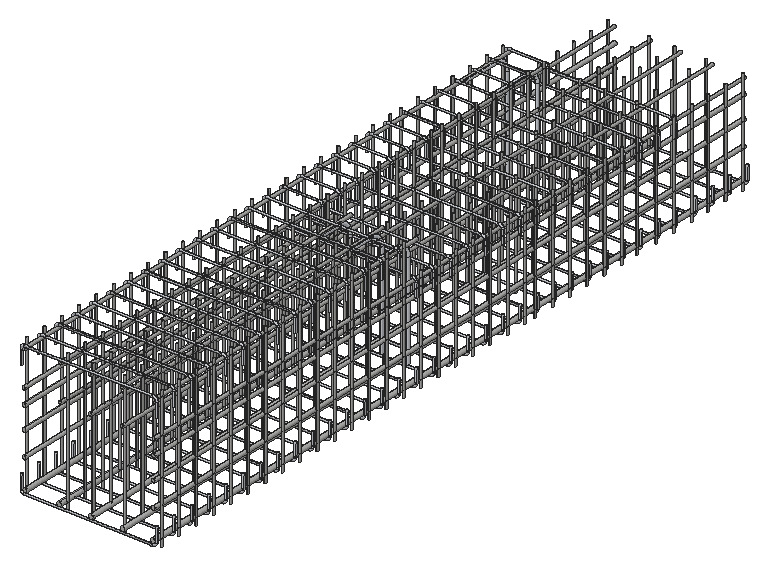
Revit family "261_Каркас пространственный КП4", category Обобщенные модели, Revit 2016 (continued)
Definition of nested family "261_Каркас плоский КР 31"
  Definition of nested family "361_Арматурная форма 2"
    Parameters (values of type "Параметрический")
      Мрк.Наименование [instance] = if(and(Арм.Класс = 1240, Рзм.Диаметр = 6 mm), "Ø6 А240 ГОСТ 5781-82", if(and(Арм.Класс = 1240, Рзм.Диаметр = 8 mm), "Ø8 А240 ГОСТ 5781-82", if(and(Арм.Класс = 1240, Рзм.Диаметр = 10 mm), "Ø10 А240 ГОСТ 5781-82", if(and(Арм.Класс = 1240, Рзм.Диаметр = 12 mm), "Ø12 А240 ГОСТ 5781-82", if(and(Арм.Класс = 1240, Рзм.Диаметр = 14 mm), "Ø14 А240 ГОСТ 5781-82", if(and(Арм.Класс = 1240, Рзм.Диаметр = 16 mm), "Ø16 А240 ГОСТ 5781-82", if(and(Арм.Класс = 1240, Рзм.Диаметр = 18 mm), "Ø18 А240 ГОСТ 5781-82", if(and(Арм.Класс = 1240, Рзм.Диаметр = 20 mm), "Ø20 А240 ГОСТ 5781-82", if(and(Арм.Класс = 1400, Рзм.Диаметр = 6 mm), "Ø6 А400 ГОСТ 5781-82", if(and(Арм.Класс = 1400, Рзм.Диаметр = 8 mm), "Ø8 А400 ГОСТ 5781-82", if(and(Арм.Класс = 1400, Рзм.Диаметр = 10 mm), "Ø10 А400 ГОСТ 5781-82", if(and(Арм.Класс = 1400, Рзм.Диаметр = 12 mm), "Ø12 А400 ГОСТ 5781-82", if(and(Арм.Класс = 1400, Рзм.Диаметр = 14 mm), "Ø14 А400 ГОСТ 5781-82", if(and(Арм.Класс = 1400, Рзм.Диаметр = 16 mm), "Ø16 А400 ГОСТ 5781-82", if(and(Арм.Класс = 1400, Рзм.Диаметр = 18 mm), "Ø18 А400 ГОСТ 5781-82", if(and(Арм.Класс = 1400, Рзм.Диаметр = 20 mm), "Ø20 А400 ГОСТ 5781-82", if(and(Арм.Класс = 1400, Рзм.Диаметр = 22 mm), "Ø22 А400 ГОСТ 5781-82", if(and(Арм.Класс = 1400, Рзм.Диаметр = 25 mm), "Ø25 А400 ГОСТ 5781-82", if(and(Арм.Класс = 1400, Рзм.Диаметр = 28 mm), "Ø28 А400 ГОСТ 5781-82", if(and(Арм.Класс = 1400, Рзм.Диаметр = 32 mm), "Ø32 А400 ГОСТ 5781-82", if(and(Арм.Класс = 1400, Рзм.Диаметр = 36 mm), "Ø36 А400 ГОСТ 5781-82", if(and(Арм.Класс = 1400, Рзм.Диаметр = 40 mm), "Ø40 А400 ГОСТ 5781-82", if(and(Арм.Класс = 150019, Рзм.Диаметр = 10 mm), "Ø10 А500С ГОСТ Р 52544-2006", if(and(Арм.Класс = 150019, Рзм.Диаметр = 12 mm), "Ø12 А500С ГОСТ Р 52544-2006", if(and(Арм.Класс = 150019, Рзм.Диаметр = 14 mm), "Ø14 А500С ГОСТ Р 52544-2006", if(and(Арм.Класс = 150019, Рзм.Диаметр = 16 mm), "Ø16 А500С ГОСТ Р 52544-2006", if(and(Арм.Класс = 150019, Рзм.Диаметр = 18 mm), "Ø18 А500С ГОСТ Р 52544-2006", if(and(Арм.Класс = 150019, Рзм.Диаметр = 20 mm), "Ø20 А500С ГОСТ Р 52544-2006", if(and(Арм.Класс = 150019, Рзм.Диаметр = 22 mm), "Ø22 А500С ГОСТ Р 52544-2006", if(and(Арм.Класс = 150019, Рзм.Диаметр = 25 mm), "Ø25 А500С ГОСТ Р 52544-2006", if(and(Арм.Класс = 150019, Рзм.Диаметр = 28 mm), "Ø28 А500С ГОСТ Р 52544-2006", if(and(Арм.Класс = 150019, Рзм.Диаметр = 32 mm), "Ø32 А500С ГОСТ Р 52544-2006", if(and(Арм.Класс = 150019, Рзм.Диаметр = 36 mm), "Ø36 А500С ГОСТ Р 52544-2006", if(and(Арм.Класс = 150019, Рзм.Диаметр = 40 mm), "Ø40 А500С ГОСТ Р 52544-2006", if(and(Арм.Класс = 160019, Рзм.Диаметр = 10 mm), "Ø10 А600С СТО АСЧМ 7-93", if(and(Арм.Класс = 160019, Рзм.Диаметр = 12 mm), "Ø12 А600С СТО АСЧМ 7-93", if(and(Арм.Класс = 160019, Рзм.Диаметр = 14 mm), "Ø14 А600С СТО АСЧМ 7-93", if(and(Арм.Класс = 160019, Рзм.Диаметр = 16 mm), "Ø16 А600С СТО АСЧМ 7-93", if(and(Арм.Класс = 160019, Рзм.Диаметр = 18 mm), "Ø18 А600С СТО АСЧМ 7-93", if(and(Арм.Класс = 160019, Рзм.Диаметр = 20 mm), "Ø20 А600С СТО АСЧМ 7-93", if(and(Арм.Класс = 160019, Рзм.Диаметр = 22 mm), "Ø22 А600С СТО АСЧМ 7-93", if(and(Арм.Класс = 160019, Рзм.Диаметр = 25 mm), "Ø25 А600С СТО АСЧМ 7-93", if(and(Арм.Класс = 160019, Рзм.Диаметр = 28 mm), "Ø28 А600С СТО АСЧМ 7-93", if(and(Арм.Класс = 160019, Рзм.Диаметр = 32 mm), "Ø32 А600С СТО АСЧМ 7-93", if(and(Арм.Класс = 160019, Рзм.Диаметр = 36 mm), "Ø36 А600С СТО АСЧМ 7-93", if(and(Арм.Класс = 160019, Рзм.Диаметр = 40 mm), "Ø40 А600С СТО АСЧМ 7-93", "Арматура не специфицирована"))))))))))))))))))))))))))))))))))))))))))))))  # "Ø10 А240 ГОСТ 5781-82"
      Мрк.МаркаКонструкции [instance] = ""
      Мрк.МаркаИзделия3 [instance] = ""
      Мрк.МаркаИзделия2 [instance] = ""
      Мрк.МаркаИзделия1 [instance] = ""
      Мрк.МаркаИзделия [instance] = ""
      Мрк.Марка [instance] = ""
      Type Comments = ""
      Арм.ЭскизФормы = 0
      Арм.РазмерR [instance] = 100 mm
      Арм.РазмерJ [instance] = 0 mm
      Арм.РазмерG [instance] = 0 mm
      Арм.РазмерF [instance] = 0 mm
      Арм.РазмерE [instance] = 0 mm
      Арм.РазмерD [instance] = 0 mm
      Арм.РазмерC [instance] = 0 mm
      Арм.РазмерB [instance] = 520 mm
      Арм.РазмерA [instance] = 495 mm
      Арм.ПогМетрыВкл [instance] = no
      Арм.КоэфНахлеста [instance] = 1
      Арм.Класс [instance] = 1240
      Арм.ВыполненаСемейством = 1 = 1  # yes
    Reference planes
      plane 1 "Спереди": y = 0
      plane 2: z = 0
      plane 3 "Лево/Право": x = 0
      plane 4: x = 260
      plane 5: x = -260
      plane 6: y = -495
      plane 7: z = -5
      plane 8: z = 5
      plane 9: x = -265
      plane 10: x = -255
      plane 11: y = -5
      plane 12: y = 5
    Forms (mm)
      Sweep 1, solid, detail levels medium+fine
        path origin (0, 0, 0) x (1, 0, 0) y (0, 1, 0)
          loop
            line (-260, -495) -> (-260, -105)
            arc (-260, -105) -> (-229.246, -30.754) -> (-155, 0) r 105
            line (-155, 0) -> (260, 0)
        profile origin (-260, -300, 0) x (-1, 0, 0) y (0, 0, 1)
          loop
            circle (0, 0) r 5
    Dimensions and locks
      equal spacing: plane 5, plane 3 "Лево/Право", plane 4
      "Арм.РазмерA": plane 6 to plane 1 "Спереди"
      "Арм.РазмерB": plane 5 to plane 4
      equal spacing: plane 8, plane 2, plane 7
      "Рзм.Диаметр": plane 8 to plane 7
      equal spacing: plane 9, plane 5, plane 10
      "Рзм.Диаметр": plane 9 to plane 10
      equal spacing: plane 11, plane 1 "Спереди", plane 12
      "Рзм.Диаметр": plane 12 to plane 11
      "Рзм.Диаметр": diameter of Sweep 1 sketch curve
      "Рзм.РасчетныйРадиус": radius of Sweep 1 sketch curve
      aligned and locked: plane 6 to Sweep 1 sketch curve
      aligned and locked: plane 5 to nested 1
      aligned and locked: nested 1 to plane 2
      aligned and locked: plane 1 "Спереди" to nested 2
      aligned and locked: plane 2 to nested 2
      aligned and locked: plane 4 to Sweep 1 sketch curve
      aligned and locked: Sweep 1 sketch curve to plane 5
      aligned and locked: plane 1 "Спереди" to Sweep 1 sketch curve
    Automatic sketch dimensions
      Sweep 1 sketch curve to level = 0 mm
      Sweep 1 sketch curve to profile plane = 0 mm
    Nested families
      nested 1: "Разрез сетржня" at (-260, 0, 0) x (1, 0, 0) z (0, -1, 0), type "Разрез сетржня", detail levels medium+fine
        with Диаметр 10 mm
      nested 2: "Разрез сетржня" at (0, 0, 0) x (0, -1, 0) z (1, 0, 0), type "Разрез сетржня", detail levels medium+fine
        with Диаметр 10 mm
    Definition of nested family "Разрез сетржня"
      Parameters (values of type "Разрез сетржня")
        Диаметр = 600 mm
      Reference planes
        plane 1 "По центру (Вперед/Назад)": y = 0
        plane 2: z = 0
        plane 3 "По центру (Влево/Вправо)": x = 0
      Lines and regions (mm)
        Filled region 1, type "Сплошная заливка - Черный", in view "Опорный уровень"
          outline origin (0, 0, 0) x (1, 0, 0) y (0, 1, 0)
            loop
              circle (0, 0) r 300
        detail lines, in view "Опорный уровень"
          curve 1: circle (0, 0, 0) r 300 normal (0, 0, 1)
      Dimensions and locks
        "Диаметр": diameter of curve 1
        aligned and locked: Filled region 1 sketch curve to curve 1
      Automatic sketch dimensions
        plane 1 "По центру (Вперед/Назад)" to curve 1 = 0 mm
        curve 1 to plane 3 "По центру (Влево/Вправо)" = 0 mm
Definition of nested family "261_Каркас плоский КР 32"
  Parameters (values of type "261_Каркас плоский КР 32")
    Default Elevation = 1219.2 mm
    Орг.УровеньТекстовый [instance] = ""
    Орг.ОбознчТома(Комплекта) [instance] = ""
    Орг.НомерЛистаЭлемента [instance] = ""
    Орг.МассаИзделия = 0
    Орг.ИзделиеТипПодсчета [instance] = 0
    Орг.ИдентификацияЭлемента2 [instance] = ""
    Орг.ИдентификацияЭлемента1 [instance] = ""
    Орг.ИдентификацияЭлемента [instance] = ""
    Мрк.Обозначение [instance] = ""
    Мрк.Наименование [instance] = "Каркас плоский КР 31"
    Мрк.МаркаКонструкции [instance] = ""
    Мрк.МаркаИзделия3 [instance] = ""
    Мрк.МаркаИзделия2 [instance] = ""
    Мрк.МаркаИзделия1 [instance] = ""
    Мрк.МаркаИзделия [instance] = ""
    Мрк.Марка [instance] = "КР 31"
  Reference planes
    plane 1 "По центру (Вперед/Назад)": y = 0
    plane 2: z = 0
    plane 3 "По центру (Влево/Вправо)": x = 0
    plane 4: y = 1000
    plane 5: x = 5120
  Dimensions and locks
    plane 3 "По центру (Влево/Вправо)" to plane 5 = 5120 mm
    plane 4 to plane 1 "По центру (Вперед/Назад)" = 1000 mm
    aligned and locked: level to plane 2
  Nested families
    nested 1: "361_Арматурная форма 1" at (45, 500, 0) x (0, 1, 0) z (0, 0, 1), Орг.ИдентификацияЭлемента1 <- "Орг.ИдентификацияЭлемента1", Орг.ИдентификацияЭлемента <- "Орг.ИдентификацияЭлемента", Мрк.МаркаКонструкции <- "Мрк.МаркаКонструкции", Мрк.МаркаИзделия3 <- "Мрк.МаркаИзделия3", Мрк.МаркаИзделия2 <- "Мрк.МаркаИзделия2", Мрк.МаркаИзделия1 <- "Мрк.МаркаИзделия1", Мрк.МаркаИзделия <- "Мрк.МаркаИзделия", Орг.УровеньТекстовый <- "Орг.УровеньТекстовый", Орг.ОбознчТома(Комплекта) <- "Орг.ОбознчТома(Комплекта)", Орг.НомерЛистаЭлемента <- "Орг.НомерЛистаЭлемента", type "Параметрический"
      with Рзм.Длина 970 mm, Рзм.Диаметр 12 mm, Орг.УровеньТекстовый "", Орг.ОбознчТома(Комплекта) "", Орг.НомерЛистаЭлемента "", Орг.ИзделиеТипПодсчета 2, Орг.ИдентификацияЭлемента1 "", Орг.ИдентификацияЭлемента "", Мрк.Обозначение "ГОСТ 5781-82", Мрк.Наименование "Ø12 А240 ГОСТ 5781-82", Мрк.МаркаКонструкции "", Мрк.МаркаИзделия3 "", Мрк.МаркаИзделия2 "", Мрк.МаркаИзделия1 "", Мрк.МаркаИзделия "", Мрк.Марка "5", Арм.РазмерR 0 mm, Арм.РазмерJ 0 mm, Арм.РазмерG 0 mm, Арм.РазмерF 0 mm, Арм.РазмерE 0 mm, Арм.РазмерD 0 mm, Арм.РазмерC 0 mm, Арм.РазмерB 0 mm, Арм.РазмерA 970 mm, Арм.ПогМетрыВкл no, Арм.КоэфНахлеста 1, Арм.Класс 1240
    nested 2: "361_Арматурная форма 2" at (2225, 559.782, -36) x (0, -1, 0) z (0, 0, 1), Орг.ИдентификацияЭлемента1 <- "Орг.ИдентификацияЭлемента1", Орг.ИдентификацияЭлемента <- "Орг.ИдентификацияЭлемента", Мрк.МаркаКонструкции <- "Мрк.МаркаКонструкции", Мрк.МаркаИзделия3 <- "Мрк.МаркаИзделия3", Мрк.МаркаИзделия2 <- "Мрк.МаркаИзделия2", Мрк.МаркаИзделия1 <- "Мрк.МаркаИзделия1", Мрк.МаркаИзделия <- "Мрк.МаркаИзделия", Орг.УровеньТекстовый <- "Орг.УровеньТекстовый", Орг.ОбознчТома(Комплекта) <- "Орг.ОбознчТома(Комплекта)", Орг.НомерЛистаЭлемента <- "Орг.НомерЛистаЭлемента", type "Параметрический"
      with Рзм.РасчетныйРадиус 90 mm, Рзм.Длина 985.664 mm, Рзм.Диаметр 20 mm, Орг.УровеньТекстовый "", Орг.ОбознчТома(Комплекта) "", Орг.НомерЛистаЭлемента "", Орг.ИзделиеТипПодсчета 2, Орг.ИдентификацияЭлемента2 "", Орг.ИдентификацияЭлемента1 "", Орг.ИдентификацияЭлемента "", Мсв.Количество 1, Мрк.Обозначение "ГОСТ 5781-82", Мрк.Наименование "Ø20 А240 ГОСТ 5781-82", Мрк.МаркаКонструкции "", Мрк.МаркаИзделия3 "", Мрк.МаркаИзделия2 "", Мрк.МаркаИзделия1 "", Мрк.МаркаИзделия "", Мрк.Марка "8", Арм.РазмерR 80 mm, Арм.РазмерJ 0 mm, Арм.РазмерG 0 mm, Арм.РазмерF 0 mm, Арм.РазмерE 0 mm, Арм.РазмерD 0 mm, Арм.РазмерC 0 mm, Арм.РазмерB 760 mm, Арм.РазмерA 260 mm, Арм.ПогМетрыВкл no, Арм.КоэфНахлеста 1, Арм.Класс 1240
    nested 3: "361_Арматурная форма 1" at (195, 500, 0) x (0, 1, 0) z (0, 0, 1), Орг.ИдентификацияЭлемента1 <- "Орг.ИдентификацияЭлемента1", Орг.ИдентификацияЭлемента <- "Орг.ИдентификацияЭлемента", Мрк.МаркаКонструкции <- "Мрк.МаркаКонструкции", Мрк.МаркаИзделия3 <- "Мрк.МаркаИзделия3", Мрк.МаркаИзделия2 <- "Мрк.МаркаИзделия2", Мрк.МаркаИзделия1 <- "Мрк.МаркаИзделия1", Мрк.МаркаИзделия <- "Мрк.МаркаИзделия", Орг.УровеньТекстовый <- "Орг.УровеньТекстовый", Орг.ОбознчТома(Комплекта) <- "Орг.ОбознчТома(Комплекта)", Орг.НомерЛистаЭлемента <- "Орг.НомерЛистаЭлемента", type "Параметрический"
      with Рзм.Длина 970 mm, Рзм.Диаметр 12 mm, Орг.УровеньТекстовый "", Орг.ОбознчТома(Комплекта) "", Орг.НомерЛистаЭлемента "", Орг.ИзделиеТипПодсчета 2, Орг.ИдентификацияЭлемента1 "", Орг.ИдентификацияЭлемента "", Мрк.Обозначение "ГОСТ 5781-82", Мрк.Наименование "Ø12 А240 ГОСТ 5781-82", Мрк.МаркаКонструкции "", Мрк.МаркаИзделия3 "", Мрк.МаркаИзделия2 "", Мрк.МаркаИзделия1 "", Мрк.МаркаИзделия "", Мрк.Марка "5", Арм.РазмерR 0 mm, Арм.РазмерJ 0 mm, Арм.РазмерG 0 mm, Арм.РазмерF 0 mm, Арм.РазмерE 0 mm, Арм.РазмерD 0 mm, Арм.РазмерC 0 mm, Арм.РазмерB 0 mm, Арм.РазмерA 970 mm, Арм.ПогМетрыВкл no, Арм.КоэфНахлеста 1, Арм.Класс 1240
    nested 4: "361_Арматурная форма 1" at (345, 500, 0) x (0, 1, 0) z (0, 0, 1), Орг.ИдентификацияЭлемента1 <- "Орг.ИдентификацияЭлемента1", Орг.ИдентификацияЭлемента <- "Орг.ИдентификацияЭлемента", Мрк.МаркаКонструкции <- "Мрк.МаркаКонструкции", Мрк.МаркаИзделия3 <- "Мрк.МаркаИзделия3", Мрк.МаркаИзделия2 <- "Мрк.МаркаИзделия2", Мрк.МаркаИзделия1 <- "Мрк.МаркаИзделия1", Мрк.МаркаИзделия <- "Мрк.МаркаИзделия", Орг.УровеньТекстовый <- "Орг.УровеньТекстовый", Орг.ОбознчТома(Комплекта) <- "Орг.ОбознчТома(Комплекта)", Орг.НомерЛистаЭлемента <- "Орг.НомерЛистаЭлемента", type "Параметрический"
      with Рзм.Длина 970 mm, Рзм.Диаметр 12 mm, Орг.УровеньТекстовый "", Орг.ОбознчТома(Комплекта) "", Орг.НомерЛистаЭлемента "", Орг.ИзделиеТипПодсчета 2, Орг.ИдентификацияЭлемента1 "", Орг.ИдентификацияЭлемента "", Мрк.Обозначение "ГОСТ 5781-82", Мрк.Наименование "Ø12 А240 ГОСТ 5781-82", Мрк.МаркаКонструкции "", Мрк.МаркаИзделия3 "", Мрк.МаркаИзделия2 "", Мрк.МаркаИзделия1 "", Мрк.МаркаИзделия "", Мрк.Марка "5", Арм.РазмерR 0 mm, Арм.РазмерJ 0 mm, Арм.РазмерG 0 mm, Арм.РазмерF 0 mm, Арм.РазмерE 0 mm, Арм.РазмерD 0 mm, Арм.РазмерC 0 mm, Арм.РазмерB 0 mm, Арм.РазмерA 970 mm, Арм.ПогМетрыВкл no, Арм.КоэфНахлеста 1, Арм.Класс 1240
    nested 5: "361_Арматурная форма 1" at (495, 500, 0) x (0, 1, 0) z (0, 0, 1), Орг.ИдентификацияЭлемента1 <- "Орг.ИдентификацияЭлемента1", Орг.ИдентификацияЭлемента <- "Орг.ИдентификацияЭлемента", Мрк.МаркаКонструкции <- "Мрк.МаркаКонструкции", Мрк.МаркаИзделия3 <- "Мрк.МаркаИзделия3", Мрк.МаркаИзделия2 <- "Мрк.МаркаИзделия2", Мрк.МаркаИзделия1 <- "Мрк.МаркаИзделия1", Мрк.МаркаИзделия <- "Мрк.МаркаИзделия", Орг.УровеньТекстовый <- "Орг.УровеньТекстовый", Орг.ОбознчТома(Комплекта) <- "Орг.ОбознчТома(Комплекта)", Орг.НомерЛистаЭлемента <- "Орг.НомерЛистаЭлемента", type "Параметрический"
      with Рзм.Длина 970 mm, Рзм.Диаметр 12 mm, Орг.УровеньТекстовый "", Орг.ОбознчТома(Комплекта) "", Орг.НомерЛистаЭлемента "", Орг.ИзделиеТипПодсчета 2, Орг.ИдентификацияЭлемента1 "", Орг.ИдентификацияЭлемента "", Мрк.Обозначение "ГОСТ 5781-82", Мрк.Наименование "Ø12 А240 ГОСТ 5781-82", Мрк.МаркаКонструкции "", Мрк.МаркаИзделия3 "", Мрк.МаркаИзделия2 "", Мрк.МаркаИзделия1 "", Мрк.МаркаИзделия "", Мрк.Марка "5", Арм.РазмерR 0 mm, Арм.РазмерJ 0 mm, Арм.РазмерG 0 mm, Арм.РазмерF 0 mm, Арм.РазмерE 0 mm, Арм.РазмерD 0 mm, Арм.РазмерC 0 mm, Арм.РазмерB 0 mm, Арм.РазмерA 970 mm, Арм.ПогМетрыВкл no, Арм.КоэфНахлеста 1, Арм.Класс 1240
    nested 6: "361_Арматурная форма 1" at (645, 500, 0) x (0, 1, 0) z (0, 0, 1), Орг.ИдентификацияЭлемента1 <- "Орг.ИдентификацияЭлемента1", Орг.ИдентификацияЭлемента <- "Орг.ИдентификацияЭлемента", Мрк.МаркаКонструкции <- "Мрк.МаркаКонструкции", Мрк.МаркаИзделия3 <- "Мрк.МаркаИзделия3", Мрк.МаркаИзделия2 <- "Мрк.МаркаИзделия2", Мрк.МаркаИзделия1 <- "Мрк.МаркаИзделия1", Мрк.МаркаИзделия <- "Мрк.МаркаИзделия", Орг.УровеньТекстовый <- "Орг.УровеньТекстовый", Орг.ОбознчТома(Комплекта) <- "Орг.ОбознчТома(Комплекта)", Орг.НомерЛистаЭлемента <- "Орг.НомерЛистаЭлемента", type "Параметрический"
      with Рзм.Длина 970 mm, Рзм.Диаметр 12 mm, Орг.УровеньТекстовый "", Орг.ОбознчТома(Комплекта) "", Орг.НомерЛистаЭлемента "", Орг.ИзделиеТипПодсчета 2, Орг.ИдентификацияЭлемента1 "", Орг.ИдентификацияЭлемента "", Мрк.Обозначение "ГОСТ 5781-82", Мрк.Наименование "Ø12 А240 ГОСТ 5781-82", Мрк.МаркаКонструкции "", Мрк.МаркаИзделия3 "", Мрк.МаркаИзделия2 "", Мрк.МаркаИзделия1 "", Мрк.МаркаИзделия "", Мрк.Марка "5", Арм.РазмерR 0 mm, Арм.РазмерJ 0 mm, Арм.РазмерG 0 mm, Арм.РазмерF 0 mm, Арм.РазмерE 0 mm, Арм.РазмерD 0 mm, Арм.РазмерC 0 mm, Арм.РазмерB 0 mm, Арм.РазмерA 970 mm, Арм.ПогМетрыВкл no, Арм.КоэфНахлеста 1, Арм.Класс 1240
    nested 7: "361_Арматурная форма 1" at (795, 500, 0) x (0, 1, 0) z (0, 0, 1), Орг.ИдентификацияЭлемента1 <- "Орг.ИдентификацияЭлемента1", Орг.ИдентификацияЭлемента <- "Орг.ИдентификацияЭлемента", Мрк.МаркаКонструкции <- "Мрк.МаркаКонструкции", Мрк.МаркаИзделия3 <- "Мрк.МаркаИзделия3", Мрк.МаркаИзделия2 <- "Мрк.МаркаИзделия2", Мрк.МаркаИзделия1 <- "Мрк.МаркаИзделия1", Мрк.МаркаИзделия <- "Мрк.МаркаИзделия", Орг.УровеньТекстовый <- "Орг.УровеньТекстовый", Орг.ОбознчТома(Комплекта) <- "Орг.ОбознчТома(Комплекта)", Орг.НомерЛистаЭлемента <- "Орг.НомерЛистаЭлемента", type "Параметрический"
      with Рзм.Длина 970 mm, Рзм.Диаметр 12 mm, Орг.УровеньТекстовый "", Орг.ОбознчТома(Комплекта) "", Орг.НомерЛистаЭлемента "", Орг.ИзделиеТипПодсчета 2, Орг.ИдентификацияЭлемента1 "", Орг.ИдентификацияЭлемента "", Мрк.Обозначение "ГОСТ 5781-82", Мрк.Наименование "Ø12 А240 ГОСТ 5781-82", Мрк.МаркаКонструкции "", Мрк.МаркаИзделия3 "", Мрк.МаркаИзделия2 "", Мрк.МаркаИзделия1 "", Мрк.МаркаИзделия "", Мрк.Марка "5", Арм.РазмерR 0 mm, Арм.РазмерJ 0 mm, Арм.РазмерG 0 mm, Арм.РазмерF 0 mm, Арм.РазмерE 0 mm, Арм.РазмерD 0 mm, Арм.РазмерC 0 mm, Арм.РазмерB 0 mm, Арм.РазмерA 970 mm, Арм.ПогМетрыВкл no, Арм.КоэфНахлеста 1, Арм.Класс 1240
    nested 8: "361_Арматурная форма 1" at (945, 500, 0) x (0, 1, 0) z (0, 0, 1), Орг.ИдентификацияЭлемента1 <- "Орг.ИдентификацияЭлемента1", Орг.ИдентификацияЭлемента <- "Орг.ИдентификацияЭлемента", Мрк.МаркаКонструкции <- "Мрк.МаркаКонструкции", Мрк.МаркаИзделия3 <- "Мрк.МаркаИзделия3", Мрк.МаркаИзделия2 <- "Мрк.МаркаИзделия2", Мрк.МаркаИзделия1 <- "Мрк.МаркаИзделия1", Мрк.МаркаИзделия <- "Мрк.МаркаИзделия", Орг.УровеньТекстовый <- "Орг.УровеньТекстовый", Орг.ОбознчТома(Комплекта) <- "Орг.ОбознчТома(Комплекта)", Орг.НомерЛистаЭлемента <- "Орг.НомерЛистаЭлемента", type "Параметрический"
      with Рзм.Длина 970 mm, Рзм.Диаметр 12 mm, Орг.УровеньТекстовый "", Орг.ОбознчТома(Комплекта) "", Орг.НомерЛистаЭлемента "", Орг.ИзделиеТипПодсчета 2, Орг.ИдентификацияЭлемента1 "", Орг.ИдентификацияЭлемента "", Мрк.Обозначение "ГОСТ 5781-82", Мрк.Наименование "Ø12 А240 ГОСТ 5781-82", Мрк.МаркаКонструкции "", Мрк.МаркаИзделия3 "", Мрк.МаркаИзделия2 "", Мрк.МаркаИзделия1 "", Мрк.МаркаИзделия "", Мрк.Марка "5", Арм.РазмерR 0 mm, Арм.РазмерJ 0 mm, Арм.РазмерG 0 mm, Арм.РазмерF 0 mm, Арм.РазмерE 0 mm, Арм.РазмерD 0 mm, Арм.РазмерC 0 mm, Арм.РазмерB 0 mm, Арм.РазмерA 970 mm, Арм.ПогМетрыВкл no, Арм.КоэфНахлеста 1, Арм.Класс 1240
    nested 9: "361_Арматурная форма 1" at (1095, 500, 0) x (0, 1, 0) z (0, 0, 1), Орг.ИдентификацияЭлемента1 <- "Орг.ИдентификацияЭлемента1", Орг.ИдентификацияЭлемента <- "Орг.ИдентификацияЭлемента", Мрк.МаркаКонструкции <- "Мрк.МаркаКонструкции", Мрк.МаркаИзделия3 <- "Мрк.МаркаИзделия3", Мрк.МаркаИзделия2 <- "Мрк.МаркаИзделия2", Мрк.МаркаИзделия1 <- "Мрк.МаркаИзделия1", Мрк.МаркаИзделия <- "Мрк.МаркаИзделия", Орг.УровеньТекстовый <- "Орг.УровеньТекстовый", Орг.ОбознчТома(Комплекта) <- "Орг.ОбознчТома(Комплекта)", Орг.НомерЛистаЭлемента <- "Орг.НомерЛистаЭлемента", type "Параметрический"
      with Рзм.Длина 970 mm, Рзм.Диаметр 12 mm, Орг.УровеньТекстовый "", Орг.ОбознчТома(Комплекта) "", Орг.НомерЛистаЭлемента "", Орг.ИзделиеТипПодсчета 2, Орг.ИдентификацияЭлемента1 "", Орг.ИдентификацияЭлемента "", Мрк.Обозначение "ГОСТ 5781-82", Мрк.Наименование "Ø12 А240 ГОСТ 5781-82", Мрк.МаркаКонструкции "", Мрк.МаркаИзделия3 "", Мрк.МаркаИзделия2 "", Мрк.МаркаИзделия1 "", Мрк.МаркаИзделия "", Мрк.Марка "5", Арм.РазмерR 0 mm, Арм.РазмерJ 0 mm, Арм.РазмерG 0 mm, Арм.РазмерF 0 mm, Арм.РазмерE 0 mm, Арм.РазмерD 0 mm, Арм.РазмерC 0 mm, Арм.РазмерB 0 mm, Арм.РазмерA 970 mm, Арм.ПогМетрыВкл no, Арм.КоэфНахлеста 1, Арм.Класс 1240
    nested 10: "361_Арматурная форма 1" at (1245, 500, 0) x (0, 1, 0) z (0, 0, 1), Орг.ИдентификацияЭлемента1 <- "Орг.ИдентификацияЭлемента1", Орг.ИдентификацияЭлемента <- "Орг.ИдентификацияЭлемента", Мрк.МаркаКонструкции <- "Мрк.МаркаКонструкции", Мрк.МаркаИзделия3 <- "Мрк.МаркаИзделия3", Мрк.МаркаИзделия2 <- "Мрк.МаркаИзделия2", Мрк.МаркаИзделия1 <- "Мрк.МаркаИзделия1", Мрк.МаркаИзделия <- "Мрк.МаркаИзделия", Орг.УровеньТекстовый <- "Орг.УровеньТекстовый", Орг.ОбознчТома(Комплекта) <- "Орг.ОбознчТома(Комплекта)", Орг.НомерЛистаЭлемента <- "Орг.НомерЛистаЭлемента", type "Параметрический"
      with Рзм.Длина 970 mm, Рзм.Диаметр 12 mm, Орг.УровеньТекстовый "", Орг.ОбознчТома(Комплекта) "", Орг.НомерЛистаЭлемента "", Орг.ИзделиеТипПодсчета 2, Орг.ИдентификацияЭлемента1 "", Орг.ИдентификацияЭлемента "", Мрк.Обозначение "ГОСТ 5781-82", Мрк.Наименование "Ø12 А240 ГОСТ 5781-82", Мрк.МаркаКонструкции "", Мрк.МаркаИзделия3 "", Мрк.МаркаИзделия2 "", Мрк.МаркаИзделия1 "", Мрк.МаркаИзделия "", Мрк.Марка "5", Арм.РазмерR 0 mm, Арм.РазмерJ 0 mm, Арм.РазмерG 0 mm, Арм.РазмерF 0 mm, Арм.РазмерE 0 mm, Арм.РазмерD 0 mm, Арм.РазмерC 0 mm, Арм.РазмерB 0 mm, Арм.РазмерA 970 mm, Арм.ПогМетрыВкл no, Арм.КоэфНахлеста 1, Арм.Класс 1240
    nested 11: "361_Арматурная форма 1" at (1395, 500, 0) x (0, 1, 0) z (0, 0, 1), Орг.ИдентификацияЭлемента1 <- "Орг.ИдентификацияЭлемента1", Орг.ИдентификацияЭлемента <- "Орг.ИдентификацияЭлемента", Мрк.МаркаКонструкции <- "Мрк.МаркаКонструкции", Мрк.МаркаИзделия3 <- "Мрк.МаркаИзделия3", Мрк.МаркаИзделия2 <- "Мрк.МаркаИзделия2", Мрк.МаркаИзделия1 <- "Мрк.МаркаИзделия1", Мрк.МаркаИзделия <- "Мрк.МаркаИзделия", Орг.УровеньТекстовый <- "Орг.УровеньТекстовый", Орг.ОбознчТома(Комплекта) <- "Орг.ОбознчТома(Комплекта)", Орг.НомерЛистаЭлемента <- "Орг.НомерЛистаЭлемента", type "Параметрический"
      with Рзм.Длина 970 mm, Рзм.Диаметр 12 mm, Орг.УровеньТекстовый "", Орг.ОбознчТома(Комплекта) "", Орг.НомерЛистаЭлемента "", Орг.ИзделиеТипПодсчета 2, Орг.ИдентификацияЭлемента1 "", Орг.ИдентификацияЭлемента "", Мрк.Обозначение "ГОСТ 5781-82", Мрк.Наименование "Ø12 А240 ГОСТ 5781-82", Мрк.МаркаКонструкции "", Мрк.МаркаИзделия3 "", Мрк.МаркаИзделия2 "", Мрк.МаркаИзделия1 "", Мрк.МаркаИзделия "", Мрк.Марка "5", Арм.РазмерR 0 mm, Арм.РазмерJ 0 mm, Арм.РазмерG 0 mm, Арм.РазмерF 0 mm, Арм.РазмерE 0 mm, Арм.РазмерD 0 mm, Арм.РазмерC 0 mm, Арм.РазмерB 0 mm, Арм.РазмерA 970 mm, Арм.ПогМетрыВкл no, Арм.КоэфНахлеста 1, Арм.Класс 1240
    nested 12: "361_Арматурная форма 1" at (1545, 500, 0) x (0, 1, 0) z (0, 0, 1), Орг.ИдентификацияЭлемента1 <- "Орг.ИдентификацияЭлемента1", Орг.ИдентификацияЭлемента <- "Орг.ИдентификацияЭлемента", Мрк.МаркаКонструкции <- "Мрк.МаркаКонструкции", Мрк.МаркаИзделия3 <- "Мрк.МаркаИзделия3", Мрк.МаркаИзделия2 <- "Мрк.МаркаИзделия2", Мрк.МаркаИзделия1 <- "Мрк.МаркаИзделия1", Мрк.МаркаИзделия <- "Мрк.МаркаИзделия", Орг.УровеньТекстовый <- "Орг.УровеньТекстовый", Орг.ОбознчТома(Комплекта) <- "Орг.ОбознчТома(Комплекта)", Орг.НомерЛистаЭлемента <- "Орг.НомерЛистаЭлемента", type "Параметрический"
      with Рзм.Длина 970 mm, Рзм.Диаметр 12 mm, Орг.УровеньТекстовый "", Орг.ОбознчТома(Комплекта) "", Орг.НомерЛистаЭлемента "", Орг.ИзделиеТипПодсчета 2, Орг.ИдентификацияЭлемента1 "", Орг.ИдентификацияЭлемента "", Мрк.Обозначение "ГОСТ 5781-82", Мрк.Наименование "Ø12 А240 ГОСТ 5781-82", Мрк.МаркаКонструкции "", Мрк.МаркаИзделия3 "", Мрк.МаркаИзделия2 "", Мрк.МаркаИзделия1 "", Мрк.МаркаИзделия "", Мрк.Марка "5", Арм.РазмерR 0 mm, Арм.РазмерJ 0 mm, Арм.РазмерG 0 mm, Арм.РазмерF 0 mm, Арм.РазмерE 0 mm, Арм.РазмерD 0 mm, Арм.РазмерC 0 mm, Арм.РазмерB 0 mm, Арм.РазмерA 970 mm, Арм.ПогМетрыВкл no, Арм.КоэфНахлеста 1, Арм.Класс 1240
    nested 13: "361_Арматурная форма 1" at (1695, 500, 0) x (0, 1, 0) z (0, 0, 1), Орг.ИдентификацияЭлемента1 <- "Орг.ИдентификацияЭлемента1", Орг.ИдентификацияЭлемента <- "Орг.ИдентификацияЭлемента", Мрк.МаркаКонструкции <- "Мрк.МаркаКонструкции", Мрк.МаркаИзделия3 <- "Мрк.МаркаИзделия3", Мрк.МаркаИзделия2 <- "Мрк.МаркаИзделия2", Мрк.МаркаИзделия1 <- "Мрк.МаркаИзделия1", Мрк.МаркаИзделия <- "Мрк.МаркаИзделия", Орг.УровеньТекстовый <- "Орг.УровеньТекстовый", Орг.ОбознчТома(Комплекта) <- "Орг.ОбознчТома(Комплекта)", Орг.НомерЛистаЭлемента <- "Орг.НомерЛистаЭлемента", type "Параметрический"
      with Рзм.Длина 970 mm, Рзм.Диаметр 12 mm, Орг.УровеньТекстовый "", Орг.ОбознчТома(Комплекта) "", Орг.НомерЛистаЭлемента "", Орг.ИзделиеТипПодсчета 2, Орг.ИдентификацияЭлемента1 "", Орг.ИдентификацияЭлемента "", Мрк.Обозначение "ГОСТ 5781-82", Мрк.Наименование "Ø12 А240 ГОСТ 5781-82", Мрк.МаркаКонструкции "", Мрк.МаркаИзделия3 "", Мрк.МаркаИзделия2 "", Мрк.МаркаИзделия1 "", Мрк.МаркаИзделия "", Мрк.Марка "5", Арм.РазмерR 0 mm, Арм.РазмерJ 0 mm, Арм.РазмерG 0 mm, Арм.РазмерF 0 mm, Арм.РазмерE 0 mm, Арм.РазмерD 0 mm, Арм.РазмерC 0 mm, Арм.РазмерB 0 mm, Арм.РазмерA 970 mm, Арм.ПогМетрыВкл no, Арм.КоэфНахлеста 1, Арм.Класс 1240
    nested 14: "361_Арматурная форма 1" at (1845, 500, 0) x (0, 1, 0) z (0, 0, 1), Орг.ИдентификацияЭлемента1 <- "Орг.ИдентификацияЭлемента1", Орг.ИдентификацияЭлемента <- "Орг.ИдентификацияЭлемента", Мрк.МаркаКонструкции <- "Мрк.МаркаКонструкции", Мрк.МаркаИзделия3 <- "Мрк.МаркаИзделия3", Мрк.МаркаИзделия2 <- "Мрк.МаркаИзделия2", Мрк.МаркаИзделия1 <- "Мрк.МаркаИзделия1", Мрк.МаркаИзделия <- "Мрк.МаркаИзделия", Орг.УровеньТекстовый <- "Орг.УровеньТекстовый", Орг.ОбознчТома(Комплекта) <- "Орг.ОбознчТома(Комплекта)", Орг.НомерЛистаЭлемента <- "Орг.НомерЛистаЭлемента", type "Параметрический"
      with Рзм.Длина 970 mm, Рзм.Диаметр 12 mm, Орг.УровеньТекстовый "", Орг.ОбознчТома(Комплекта) "", Орг.НомерЛистаЭлемента "", Орг.ИзделиеТипПодсчета 2, Орг.ИдентификацияЭлемента1 "", Орг.ИдентификацияЭлемента "", Мрк.Обозначение "ГОСТ 5781-82", Мрк.Наименование "Ø12 А240 ГОСТ 5781-82", Мрк.МаркаКонструкции "", Мрк.МаркаИзделия3 "", Мрк.МаркаИзделия2 "", Мрк.МаркаИзделия1 "", Мрк.МаркаИзделия "", Мрк.Марка "5", Арм.РазмерR 0 mm, Арм.РазмерJ 0 mm, Арм.РазмерG 0 mm, Арм.РазмерF 0 mm, Арм.РазмерE 0 mm, Арм.РазмерD 0 mm, Арм.РазмерC 0 mm, Арм.РазмерB 0 mm, Арм.РазмерA 970 mm, Арм.ПогМетрыВкл no, Арм.КоэфНахлеста 1, Арм.Класс 1240
    nested 15: "361_Арматурная форма 1" at (1995, 500, 0) x (0, 1, 0) z (0, 0, 1), Орг.ИдентификацияЭлемента1 <- "Орг.ИдентификацияЭлемента1", Орг.ИдентификацияЭлемента <- "Орг.ИдентификацияЭлемента", Мрк.МаркаКонструкции <- "Мрк.МаркаКонструкции", Мрк.МаркаИзделия3 <- "Мрк.МаркаИзделия3", Мрк.МаркаИзделия2 <- "Мрк.МаркаИзделия2", Мрк.МаркаИзделия1 <- "Мрк.МаркаИзделия1", Мрк.МаркаИзделия <- "Мрк.МаркаИзделия", Орг.УровеньТекстовый <- "Орг.УровеньТекстовый", Орг.ОбознчТома(Комплекта) <- "Орг.ОбознчТома(Комплекта)", Орг.НомерЛистаЭлемента <- "Орг.НомерЛистаЭлемента", type "Параметрический"
      with Рзм.Длина 970 mm, Рзм.Диаметр 12 mm, Орг.УровеньТекстовый "", Орг.ОбознчТома(Комплекта) "", Орг.НомерЛистаЭлемента "", Орг.ИзделиеТипПодсчета 2, Орг.ИдентификацияЭлемента1 "", Орг.ИдентификацияЭлемента "", Мрк.Обозначение "ГОСТ 5781-82", Мрк.Наименование "Ø12 А240 ГОСТ 5781-82", Мрк.МаркаКонструкции "", Мрк.МаркаИзделия3 "", Мрк.МаркаИзделия2 "", Мрк.МаркаИзделия1 "", Мрк.МаркаИзделия "", Мрк.Марка "5", Арм.РазмерR 0 mm, Арм.РазмерJ 0 mm, Арм.РазмерG 0 mm, Арм.РазмерF 0 mm, Арм.РазмерE 0 mm, Арм.РазмерD 0 mm, Арм.РазмерC 0 mm, Арм.РазмерB 0 mm, Арм.РазмерA 970 mm, Арм.ПогМетрыВкл no, Арм.КоэфНахлеста 1, Арм.Класс 1240
    nested 16: "361_Арматурная форма 1" at (2145, 500, 0) x (0, 1, 0) z (0, 0, 1), Орг.ИдентификацияЭлемента1 <- "Орг.ИдентификацияЭлемента1", Орг.ИдентификацияЭлемента <- "Орг.ИдентификацияЭлемента", Мрк.МаркаКонструкции <- "Мрк.МаркаКонструкции", Мрк.МаркаИзделия3 <- "Мрк.МаркаИзделия3", Мрк.МаркаИзделия2 <- "Мрк.МаркаИзделия2", Мрк.МаркаИзделия1 <- "Мрк.МаркаИзделия1", Мрк.МаркаИзделия <- "Мрк.МаркаИзделия", Орг.УровеньТекстовый <- "Орг.УровеньТекстовый", Орг.ОбознчТома(Комплекта) <- "Орг.ОбознчТома(Комплекта)", Орг.НомерЛистаЭлемента <- "Орг.НомерЛистаЭлемента", type "Параметрический"
      with Рзм.Длина 970 mm, Рзм.Диаметр 12 mm, Орг.УровеньТекстовый "", Орг.ОбознчТома(Комплекта) "", Орг.НомерЛистаЭлемента "", Орг.ИзделиеТипПодсчета 2, Орг.ИдентификацияЭлемента1 "", Орг.ИдентификацияЭлемента "", Мрк.Обозначение "ГОСТ 5781-82", Мрк.Наименование "Ø12 А240 ГОСТ 5781-82", Мрк.МаркаКонструкции "", Мрк.МаркаИзделия3 "", Мрк.МаркаИзделия2 "", Мрк.МаркаИзделия1 "", Мрк.МаркаИзделия "", Мрк.Марка "5", Арм.РазмерR 0 mm, Арм.РазмерJ 0 mm, Арм.РазмерG 0 mm, Арм.РазмерF 0 mm, Арм.РазмерE 0 mm, Арм.РазмерD 0 mm, Арм.РазмерC 0 mm, Арм.РазмерB 0 mm, Арм.РазмерA 970 mm, Арм.ПогМетрыВкл no, Арм.КоэфНахлеста 1, Арм.Класс 1240
    nested 17: "361_Арматурная форма 1" at (2295, 377.5, 0) x (0, 1, 0) z (0, 0, 1), Орг.ИдентификацияЭлемента1 <- "Орг.ИдентификацияЭлемента1", Орг.ИдентификацияЭлемента <- "Орг.ИдентификацияЭлемента", Мрк.МаркаКонструкции <- "Мрк.МаркаКонструкции", Мрк.МаркаИзделия3 <- "Мрк.МаркаИзделия3", Мрк.МаркаИзделия2 <- "Мрк.МаркаИзделия2", Мрк.МаркаИзделия1 <- "Мрк.МаркаИзделия1", Мрк.МаркаИзделия <- "Мрк.МаркаИзделия", Орг.УровеньТекстовый <- "Орг.УровеньТекстовый", Орг.ОбознчТома(Комплекта) <- "Орг.ОбознчТома(Комплекта)", Орг.НомерЛистаЭлемента <- "Орг.НомерЛистаЭлемента", type "Параметрический"
      with Рзм.Длина 725 mm, Рзм.Диаметр 12 mm, Орг.УровеньТекстовый "", Орг.ОбознчТома(Комплекта) "", Орг.НомерЛистаЭлемента "", Орг.ИзделиеТипПодсчета 2, Орг.ИдентификацияЭлемента1 "", Орг.ИдентификацияЭлемента "", Мрк.Обозначение "ГОСТ 5781-82", Мрк.Наименование "Ø12 А240 ГОСТ 5781-82", Мрк.МаркаКонструкции "", Мрк.МаркаИзделия3 "", Мрк.МаркаИзделия2 "", Мрк.МаркаИзделия1 "", Мрк.МаркаИзделия "", Мрк.Марка "6", Арм.РазмерR 0 mm, Арм.РазмерJ 0 mm, Арм.РазмерG 0 mm, Арм.РазмерF 0 mm, Арм.РазмерE 0 mm, Арм.РазмерD 0 mm, Арм.РазмерC 0 mm, Арм.РазмерB 0 mm, Арм.РазмерA 725 mm, Арм.ПогМетрыВкл no, Арм.КоэфНахлеста 1, Арм.Класс 1240
    nested 18: "361_Арматурная форма 1" at (2445, 377.5, 0) x (0, 1, 0) z (0, 0, 1), Орг.ИдентификацияЭлемента1 <- "Орг.ИдентификацияЭлемента1", Орг.ИдентификацияЭлемента <- "Орг.ИдентификацияЭлемента", Мрк.МаркаКонструкции <- "Мрк.МаркаКонструкции", Мрк.МаркаИзделия3 <- "Мрк.МаркаИзделия3", Мрк.МаркаИзделия2 <- "Мрк.МаркаИзделия2", Мрк.МаркаИзделия1 <- "Мрк.МаркаИзделия1", Мрк.МаркаИзделия <- "Мрк.МаркаИзделия", Орг.УровеньТекстовый <- "Орг.УровеньТекстовый", Орг.ОбознчТома(Комплекта) <- "Орг.ОбознчТома(Комплекта)", Орг.НомерЛистаЭлемента <- "Орг.НомерЛистаЭлемента", type "Параметрический"
      with Рзм.Длина 725 mm, Рзм.Диаметр 12 mm, Орг.УровеньТекстовый "", Орг.ОбознчТома(Комплекта) "", Орг.НомерЛистаЭлемента "", Орг.ИзделиеТипПодсчета 2, Орг.ИдентификацияЭлемента1 "", Орг.ИдентификацияЭлемента "", Мрк.Обозначение "ГОСТ 5781-82", Мрк.Наименование "Ø12 А240 ГОСТ 5781-82", Мрк.МаркаКонструкции "", Мрк.МаркаИзделия3 "", Мрк.МаркаИзделия2 "", Мрк.МаркаИзделия1 "", Мрк.МаркаИзделия "", Мрк.Марка "6", Арм.РазмерR 0 mm, Арм.РазмерJ 0 mm, Арм.РазмерG 0 mm, Арм.РазмерF 0 mm, Арм.РазмерE 0 mm, Арм.РазмерD 0 mm, Арм.РазмерC 0 mm, Арм.РазмерB 0 mm, Арм.РазмерA 725 mm, Арм.ПогМетрыВкл no, Арм.КоэфНахлеста 1, Арм.Класс 1240
    nested 19: "361_Арматурная форма 1" at (2595, 377.5, 0) x (0, 1, 0) z (0, 0, 1), Орг.ИдентификацияЭлемента1 <- "Орг.ИдентификацияЭлемента1", Орг.ИдентификацияЭлемента <- "Орг.ИдентификацияЭлемента", Мрк.МаркаКонструкции <- "Мрк.МаркаКонструкции", Мрк.МаркаИзделия3 <- "Мрк.МаркаИзделия3", Мрк.МаркаИзделия2 <- "Мрк.МаркаИзделия2", Мрк.МаркаИзделия1 <- "Мрк.МаркаИзделия1", Мрк.МаркаИзделия <- "Мрк.МаркаИзделия", Орг.УровеньТекстовый <- "Орг.УровеньТекстовый", Орг.ОбознчТома(Комплекта) <- "Орг.ОбознчТома(Комплекта)", Орг.НомерЛистаЭлемента <- "Орг.НомерЛистаЭлемента", type "Параметрический"
      with Рзм.Длина 725 mm, Рзм.Диаметр 12 mm, Орг.УровеньТекстовый "", Орг.ОбознчТома(Комплекта) "", Орг.НомерЛистаЭлемента "", Орг.ИзделиеТипПодсчета 2, Орг.ИдентификацияЭлемента1 "", Орг.ИдентификацияЭлемента "", Мрк.Обозначение "ГОСТ 5781-82", Мрк.Наименование "Ø12 А240 ГОСТ 5781-82", Мрк.МаркаКонструкции "", Мрк.МаркаИзделия3 "", Мрк.МаркаИзделия2 "", Мрк.МаркаИзделия1 "", Мрк.МаркаИзделия "", Мрк.Марка "6", Арм.РазмерR 0 mm, Арм.РазмерJ 0 mm, Арм.РазмерG 0 mm, Арм.РазмерF 0 mm, Арм.РазмерE 0 mm, Арм.РазмерD 0 mm, Арм.РазмерC 0 mm, Арм.РазмерB 0 mm, Арм.РазмерA 725 mm, Арм.ПогМетрыВкл no, Арм.КоэфНахлеста 1, Арм.Класс 1240
    nested 20: "361_Арматурная форма 1" at (2745, 377.5, 0) x (0, 1, 0) z (0, 0, 1), Орг.ИдентификацияЭлемента1 <- "Орг.ИдентификацияЭлемента1", Орг.ИдентификацияЭлемента <- "Орг.ИдентификацияЭлемента", Мрк.МаркаКонструкции <- "Мрк.МаркаКонструкции", Мрк.МаркаИзделия3 <- "Мрк.МаркаИзделия3", Мрк.МаркаИзделия2 <- "Мрк.МаркаИзделия2", Мрк.МаркаИзделия1 <- "Мрк.МаркаИзделия1", Мрк.МаркаИзделия <- "Мрк.МаркаИзделия", Орг.УровеньТекстовый <- "Орг.УровеньТекстовый", Орг.ОбознчТома(Комплекта) <- "Орг.ОбознчТома(Комплекта)", Орг.НомерЛистаЭлемента <- "Орг.НомерЛистаЭлемента", type "Параметрический"
      with Рзм.Длина 725 mm, Рзм.Диаметр 12 mm, Орг.УровеньТекстовый "", Орг.ОбознчТома(Комплекта) "", Орг.НомерЛистаЭлемента "", Орг.ИзделиеТипПодсчета 2, Орг.ИдентификацияЭлемента1 "", Орг.ИдентификацияЭлемента "", Мрк.Обозначение "ГОСТ 5781-82", Мрк.Наименование "Ø12 А240 ГОСТ 5781-82", Мрк.МаркаКонструкции "", Мрк.МаркаИзделия3 "", Мрк.МаркаИзделия2 "", Мрк.МаркаИзделия1 "", Мрк.МаркаИзделия "", Мрк.Марка "6", Арм.РазмерR 0 mm, Арм.РазмерJ 0 mm, Арм.РазмерG 0 mm, Арм.РазмерF 0 mm, Арм.РазмерE 0 mm, Арм.РазмерD 0 mm, Арм.РазмерC 0 mm, Арм.РазмерB 0 mm, Арм.РазмерA 725 mm, Арм.ПогМетрыВкл no, Арм.КоэфНахлеста 1, Арм.Класс 1240
    nested 21: "361_Арматурная форма 1" at (2895, 377.5, 0) x (0, 1, 0) z (0, 0, 1), Орг.ИдентификацияЭлемента1 <- "Орг.ИдентификацияЭлемента1", Орг.ИдентификацияЭлемента <- "Орг.ИдентификацияЭлемента", Мрк.МаркаКонструкции <- "Мрк.МаркаКонструкции", Мрк.МаркаИзделия3 <- "Мрк.МаркаИзделия3", Мрк.МаркаИзделия2 <- "Мрк.МаркаИзделия2", Мрк.МаркаИзделия1 <- "Мрк.МаркаИзделия1", Мрк.МаркаИзделия <- "Мрк.МаркаИзделия", Орг.УровеньТекстовый <- "Орг.УровеньТекстовый", Орг.ОбознчТома(Комплекта) <- "Орг.ОбознчТома(Комплекта)", Орг.НомерЛистаЭлемента <- "Орг.НомерЛистаЭлемента", type "Параметрический"
      with Рзм.Длина 725 mm, Рзм.Диаметр 12 mm, Орг.УровеньТекстовый "", Орг.ОбознчТома(Комплекта) "", Орг.НомерЛистаЭлемента "", Орг.ИзделиеТипПодсчета 2, Орг.ИдентификацияЭлемента1 "", Орг.ИдентификацияЭлемента "", Мрк.Обозначение "ГОСТ 5781-82", Мрк.Наименование "Ø12 А240 ГОСТ 5781-82", Мрк.МаркаКонструкции "", Мрк.МаркаИзделия3 "", Мрк.МаркаИзделия2 "", Мрк.МаркаИзделия1 "", Мрк.МаркаИзделия "", Мрк.Марка "6", Арм.РазмерR 0 mm, Арм.РазмерJ 0 mm, Арм.РазмерG 0 mm, Арм.РазмерF 0 mm, Арм.РазмерE 0 mm, Арм.РазмерD 0 mm, Арм.РазмерC 0 mm, Арм.РазмерB 0 mm, Арм.РазмерA 725 mm, Арм.ПогМетрыВкл no, Арм.КоэфНахлеста 1, Арм.Класс 1240
    nested 22: "361_Арматурная форма 1" at (3045, 377.5, 0) x (0, 1, 0) z (0, 0, 1), Орг.ИдентификацияЭлемента1 <- "Орг.ИдентификацияЭлемента1", Орг.ИдентификацияЭлемента <- "Орг.ИдентификацияЭлемента", Мрк.МаркаКонструкции <- "Мрк.МаркаКонструкции", Мрк.МаркаИзделия3 <- "Мрк.МаркаИзделия3", Мрк.МаркаИзделия2 <- "Мрк.МаркаИзделия2", Мрк.МаркаИзделия1 <- "Мрк.МаркаИзделия1", Мрк.МаркаИзделия <- "Мрк.МаркаИзделия", Орг.УровеньТекстовый <- "Орг.УровеньТекстовый", Орг.ОбознчТома(Комплекта) <- "Орг.ОбознчТома(Комплекта)", Орг.НомерЛистаЭлемента <- "Орг.НомерЛистаЭлемента", type "Параметрический"
      with Рзм.Длина 725 mm, Рзм.Диаметр 12 mm, Орг.УровеньТекстовый "", Орг.ОбознчТома(Комплекта) "", Орг.НомерЛистаЭлемента "", Орг.ИзделиеТипПодсчета 2, Орг.ИдентификацияЭлемента1 "", Орг.ИдентификацияЭлемента "", Мрк.Обозначение "ГОСТ 5781-82", Мрк.Наименование "Ø12 А240 ГОСТ 5781-82", Мрк.МаркаКонструкции "", Мрк.МаркаИзделия3 "", Мрк.МаркаИзделия2 "", Мрк.МаркаИзделия1 "", Мрк.МаркаИзделия "", Мрк.Марка "6", Арм.РазмерR 0 mm, Арм.РазмерJ 0 mm, Арм.РазмерG 0 mm, Арм.РазмерF 0 mm, Арм.РазмерE 0 mm, Арм.РазмерD 0 mm, Арм.РазмерC 0 mm, Арм.РазмерB 0 mm, Арм.РазмерA 725 mm, Арм.ПогМетрыВкл no, Арм.КоэфНахлеста 1, Арм.Класс 1240
    nested 23: "361_Арматурная форма 1" at (3195, 377.5, 0) x (0, 1, 0) z (0, 0, 1), Орг.ИдентификацияЭлемента1 <- "Орг.ИдентификацияЭлемента1", Орг.ИдентификацияЭлемента <- "Орг.ИдентификацияЭлемента", Мрк.МаркаКонструкции <- "Мрк.МаркаКонструкции", Мрк.МаркаИзделия3 <- "Мрк.МаркаИзделия3", Мрк.МаркаИзделия2 <- "Мрк.МаркаИзделия2", Мрк.МаркаИзделия1 <- "Мрк.МаркаИзделия1", Мрк.МаркаИзделия <- "Мрк.МаркаИзделия", Орг.УровеньТекстовый <- "Орг.УровеньТекстовый", Орг.ОбознчТома(Комплекта) <- "Орг.ОбознчТома(Комплекта)", Орг.НомерЛистаЭлемента <- "Орг.НомерЛистаЭлемента", type "Параметрический"
      with Рзм.Длина 725 mm, Рзм.Диаметр 12 mm, Орг.УровеньТекстовый "", Орг.ОбознчТома(Комплекта) "", Орг.НомерЛистаЭлемента "", Орг.ИзделиеТипПодсчета 2, Орг.ИдентификацияЭлемента1 "", Орг.ИдентификацияЭлемента "", Мрк.Обозначение "ГОСТ 5781-82", Мрк.Наименование "Ø12 А240 ГОСТ 5781-82", Мрк.МаркаКонструкции "", Мрк.МаркаИзделия3 "", Мрк.МаркаИзделия2 "", Мрк.МаркаИзделия1 "", Мрк.МаркаИзделия "", Мрк.Марка "6", Арм.РазмерR 0 mm, Арм.РазмерJ 0 mm, Арм.РазмерG 0 mm, Арм.РазмерF 0 mm, Арм.РазмерE 0 mm, Арм.РазмерD 0 mm, Арм.РазмерC 0 mm, Арм.РазмерB 0 mm, Арм.РазмерA 725 mm, Арм.ПогМетрыВкл no, Арм.КоэфНахлеста 1, Арм.Класс 1240
    nested 24: "361_Арматурная форма 1" at (3285, 377.5, 0) x (0, 1, 0) z (0, 0, 1), Орг.ИдентификацияЭлемента1 <- "Орг.ИдентификацияЭлемента1", Орг.ИдентификацияЭлемента <- "Орг.ИдентификацияЭлемента", Мрк.МаркаКонструкции <- "Мрк.МаркаКонструкции", Мрк.МаркаИзделия3 <- "Мрк.МаркаИзделия3", Мрк.МаркаИзделия2 <- "Мрк.МаркаИзделия2", Мрк.МаркаИзделия1 <- "Мрк.МаркаИзделия1", Мрк.МаркаИзделия <- "Мрк.МаркаИзделия", Орг.УровеньТекстовый <- "Орг.УровеньТекстовый", Орг.ОбознчТома(Комплекта) <- "Орг.ОбознчТома(Комплекта)", Орг.НомерЛистаЭлемента <- "Орг.НомерЛистаЭлемента", type "Параметрический"
      with Рзм.Длина 725 mm, Рзм.Диаметр 12 mm, Орг.УровеньТекстовый "", Орг.ОбознчТома(Комплекта) "", Орг.НомерЛистаЭлемента "", Орг.ИзделиеТипПодсчета 2, Орг.ИдентификацияЭлемента1 "", Орг.ИдентификацияЭлемента "", Мрк.Обозначение "ГОСТ 5781-82", Мрк.Наименование "Ø12 А240 ГОСТ 5781-82", Мрк.МаркаКонструкции "", Мрк.МаркаИзделия3 "", Мрк.МаркаИзделия2 "", Мрк.МаркаИзделия1 "", Мрк.МаркаИзделия "", Мрк.Марка "6", Арм.РазмерR 0 mm, Арм.РазмерJ 0 mm, Арм.РазмерG 0 mm, Арм.РазмерF 0 mm, Арм.РазмерE 0 mm, Арм.РазмерD 0 mm, Арм.РазмерC 0 mm, Арм.РазмерB 0 mm, Арм.РазмерA 725 mm, Арм.ПогМетрыВкл no, Арм.КоэфНахлеста 1, Арм.Класс 1240
    nested 25: "361_Арматурная форма 1" at (3435, 377.5, 0) x (0, 1, 0) z (0, 0, 1), Орг.ИдентификацияЭлемента1 <- "Орг.ИдентификацияЭлемента1", Орг.ИдентификацияЭлемента <- "Орг.ИдентификацияЭлемента", Мрк.МаркаКонструкции <- "Мрк.МаркаКонструкции", Мрк.МаркаИзделия3 <- "Мрк.МаркаИзделия3", Мрк.МаркаИзделия2 <- "Мрк.МаркаИзделия2", Мрк.МаркаИзделия1 <- "Мрк.МаркаИзделия1", Мрк.МаркаИзделия <- "Мрк.МаркаИзделия", Орг.УровеньТекстовый <- "Орг.УровеньТекстовый", Орг.ОбознчТома(Комплекта) <- "Орг.ОбознчТома(Комплекта)", Орг.НомерЛистаЭлемента <- "Орг.НомерЛистаЭлемента", type "Параметрический"
      with Рзм.Длина 725 mm, Рзм.Диаметр 12 mm, Орг.УровеньТекстовый "", Орг.ОбознчТома(Комплекта) "", Орг.НомерЛистаЭлемента "", Орг.ИзделиеТипПодсчета 2, Орг.ИдентификацияЭлемента1 "", Орг.ИдентификацияЭлемента "", Мрк.Обозначение "ГОСТ 5781-82", Мрк.Наименование "Ø12 А240 ГОСТ 5781-82", Мрк.МаркаКонструкции "", Мрк.МаркаИзделия3 "", Мрк.МаркаИзделия2 "", Мрк.МаркаИзделия1 "", Мрк.МаркаИзделия "", Мрк.Марка "6", Арм.РазмерR 0 mm, Арм.РазмерJ 0 mm, Арм.РазмерG 0 mm, Арм.РазмерF 0 mm, Арм.РазмерE 0 mm, Арм.РазмерD 0 mm, Арм.РазмерC 0 mm, Арм.РазмерB 0 mm, Арм.РазмерA 725 mm, Арм.ПогМетрыВкл no, Арм.КоэфНахлеста 1, Арм.Класс 1240
    nested 26: "361_Арматурная форма 1" at (3585, 377.5, 0) x (0, 1, 0) z (0, 0, 1), Орг.ИдентификацияЭлемента1 <- "Орг.ИдентификацияЭлемента1", Орг.ИдентификацияЭлемента <- "Орг.ИдентификацияЭлемента", Мрк.МаркаКонструкции <- "Мрк.МаркаКонструкции", Мрк.МаркаИзделия3 <- "Мрк.МаркаИзделия3", Мрк.МаркаИзделия2 <- "Мрк.МаркаИзделия2", Мрк.МаркаИзделия1 <- "Мрк.МаркаИзделия1", Мрк.МаркаИзделия <- "Мрк.МаркаИзделия", Орг.УровеньТекстовый <- "Орг.УровеньТекстовый", Орг.ОбознчТома(Комплекта) <- "Орг.ОбознчТома(Комплекта)", Орг.НомерЛистаЭлемента <- "Орг.НомерЛистаЭлемента", type "Параметрический"
      with Рзм.Длина 725 mm, Рзм.Диаметр 12 mm, Орг.УровеньТекстовый "", Орг.ОбознчТома(Комплекта) "", Орг.НомерЛистаЭлемента "", Орг.ИзделиеТипПодсчета 2, Орг.ИдентификацияЭлемента1 "", Орг.ИдентификацияЭлемента "", Мрк.Обозначение "ГОСТ 5781-82", Мрк.Наименование "Ø12 А240 ГОСТ 5781-82", Мрк.МаркаКонструкции "", Мрк.МаркаИзделия3 "", Мрк.МаркаИзделия2 "", Мрк.МаркаИзделия1 "", Мрк.МаркаИзделия "", Мрк.Марка "6", Арм.РазмерR 0 mm, Арм.РазмерJ 0 mm, Арм.РазмерG 0 mm, Арм.РазмерF 0 mm, Арм.РазмерE 0 mm, Арм.РазмерD 0 mm, Арм.РазмерC 0 mm, Арм.РазмерB 0 mm, Арм.РазмерA 725 mm, Арм.ПогМетрыВкл no, Арм.КоэфНахлеста 1, Арм.Класс 1240
    nested 27: "361_Арматурная форма 1" at (3735, 377.5, 0) x (0, 1, 0) z (0, 0, 1), Орг.ИдентификацияЭлемента1 <- "Орг.ИдентификацияЭлемента1", Орг.ИдентификацияЭлемента <- "Орг.ИдентификацияЭлемента", Мрк.МаркаКонструкции <- "Мрк.МаркаКонструкции", Мрк.МаркаИзделия3 <- "Мрк.МаркаИзделия3", Мрк.МаркаИзделия2 <- "Мрк.МаркаИзделия2", Мрк.МаркаИзделия1 <- "Мрк.МаркаИзделия1", Мрк.МаркаИзделия <- "Мрк.МаркаИзделия", Орг.УровеньТекстовый <- "Орг.УровеньТекстовый", Орг.ОбознчТома(Комплекта) <- "Орг.ОбознчТома(Комплекта)", Орг.НомерЛистаЭлемента <- "Орг.НомерЛистаЭлемента", type "Параметрический"
      with Рзм.Длина 725 mm, Рзм.Диаметр 12 mm, Орг.УровеньТекстовый "", Орг.ОбознчТома(Комплекта) "", Орг.НомерЛистаЭлемента "", Орг.ИзделиеТипПодсчета 2, Орг.ИдентификацияЭлемента1 "", Орг.ИдентификацияЭлемента "", Мрк.Обозначение "ГОСТ 5781-82", Мрк.Наименование "Ø12 А240 ГОСТ 5781-82", Мрк.МаркаКонструкции "", Мрк.МаркаИзделия3 "", Мрк.МаркаИзделия2 "", Мрк.МаркаИзделия1 "", Мрк.МаркаИзделия "", Мрк.Марка "6", Арм.РазмерR 0 mm, Арм.РазмерJ 0 mm, Арм.РазмерG 0 mm, Арм.РазмерF 0 mm, Арм.РазмерE 0 mm, Арм.РазмерD 0 mm, Арм.РазмерC 0 mm, Арм.РазмерB 0 mm, Арм.РазмерA 725 mm, Арм.ПогМетрыВкл no, Арм.КоэфНахлеста 1, Арм.Класс 1240
    nested 28: "361_Арматурная форма 1" at (3885, 377.5, 0) x (0, 1, 0) z (0, 0, 1), Орг.ИдентификацияЭлемента1 <- "Орг.ИдентификацияЭлемента1", Орг.ИдентификацияЭлемента <- "Орг.ИдентификацияЭлемента", Мрк.МаркаКонструкции <- "Мрк.МаркаКонструкции", Мрк.МаркаИзделия3 <- "Мрк.МаркаИзделия3", Мрк.МаркаИзделия2 <- "Мрк.МаркаИзделия2", Мрк.МаркаИзделия1 <- "Мрк.МаркаИзделия1", Мрк.МаркаИзделия <- "Мрк.МаркаИзделия", Орг.УровеньТекстовый <- "Орг.УровеньТекстовый", Орг.ОбознчТома(Комплекта) <- "Орг.ОбознчТома(Комплекта)", Орг.НомерЛистаЭлемента <- "Орг.НомерЛистаЭлемента", type "Параметрический"
      with Рзм.Длина 725 mm, Рзм.Диаметр 12 mm, Орг.УровеньТекстовый "", Орг.ОбознчТома(Комплекта) "", Орг.НомерЛистаЭлемента "", Орг.ИзделиеТипПодсчета 2, Орг.ИдентификацияЭлемента1 "", Орг.ИдентификацияЭлемента "", Мрк.Обозначение "ГОСТ 5781-82", Мрк.Наименование "Ø12 А240 ГОСТ 5781-82", Мрк.МаркаКонструкции "", Мрк.МаркаИзделия3 "", Мрк.МаркаИзделия2 "", Мрк.МаркаИзделия1 "", Мрк.МаркаИзделия "", Мрк.Марка "6", Арм.РазмерR 0 mm, Арм.РазмерJ 0 mm, Арм.РазмерG 0 mm, Арм.РазмерF 0 mm, Арм.РазмерE 0 mm, Арм.РазмерD 0 mm, Арм.РазмерC 0 mm, Арм.РазмерB 0 mm, Арм.РазмерA 725 mm, Арм.ПогМетрыВкл no, Арм.КоэфНахлеста 1, Арм.Класс 1240
    nested 29: "361_Арматурная форма 1" at (4035, 377.5, 0) x (0, 1, 0) z (0, 0, 1), Орг.ИдентификацияЭлемента1 <- "Орг.ИдентификацияЭлемента1", Орг.ИдентификацияЭлемента <- "Орг.ИдентификацияЭлемента", Мрк.МаркаКонструкции <- "Мрк.МаркаКонструкции", Мрк.МаркаИзделия3 <- "Мрк.МаркаИзделия3", Мрк.МаркаИзделия2 <- "Мрк.МаркаИзделия2", Мрк.МаркаИзделия1 <- "Мрк.МаркаИзделия1", Мрк.МаркаИзделия <- "Мрк.МаркаИзделия", Орг.УровеньТекстовый <- "Орг.УровеньТекстовый", Орг.ОбознчТома(Комплекта) <- "Орг.ОбознчТома(Комплекта)", Орг.НомерЛистаЭлемента <- "Орг.НомерЛистаЭлемента", type "Параметрический"
      with Рзм.Длина 725 mm, Рзм.Диаметр 12 mm, Орг.УровеньТекстовый "", Орг.ОбознчТома(Комплекта) "", Орг.НомерЛистаЭлемента "", Орг.ИзделиеТипПодсчета 2, Орг.ИдентификацияЭлемента1 "", Орг.ИдентификацияЭлемента "", Мрк.Обозначение "ГОСТ 5781-82", Мрк.Наименование "Ø12 А240 ГОСТ 5781-82", Мрк.МаркаКонструкции "", Мрк.МаркаИзделия3 "", Мрк.МаркаИзделия2 "", Мрк.МаркаИзделия1 "", Мрк.МаркаИзделия "", Мрк.Марка "6", Арм.РазмерR 0 mm, Арм.РазмерJ 0 mm, Арм.РазмерG 0 mm, Арм.РазмерF 0 mm, Арм.РазмерE 0 mm, Арм.РазмерD 0 mm, Арм.РазмерC 0 mm, Арм.РазмерB 0 mm, Арм.РазмерA 725 mm, Арм.ПогМетрыВкл no, Арм.КоэфНахлеста 1, Арм.Класс 1240
